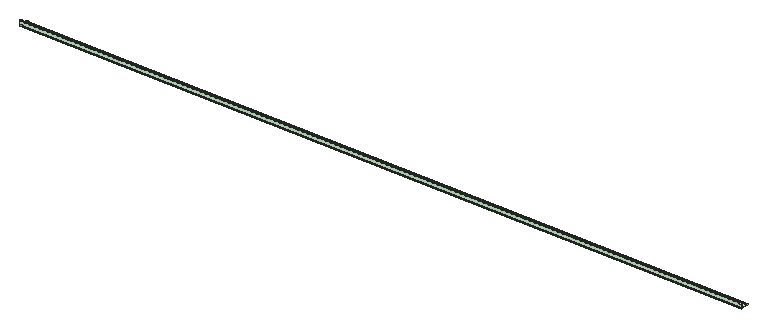
Revit family "eL3520", category 機械設備, Revit 2020
Family settings
  丸型コネクタ寸法 = 直径を使用
  種別 = なし
  パーツ タイプ = 標準
  作業面ベース = いいえ
  常に垂直 = はい
  ロード時にボイドで切り取り = いいえ
  共有 = いいえ
  部屋計算ポイント = いいえ
Parameters
  製造元 = "株式会社桐井製作所"
  既定の高さ = 0 mm
  URL = "https://www.kirii.co.jp/"
  K_長さ(mm) = 3200 mm
  K_板厚(mm) = 0.6 mm
  K_材質 = "カラー鋼板"
  K_品名 = "eL3520"
  K_名称 = "システム天井見切り"
  K_入数 = "25"
  K_バージョン情報 = "20220411"
Reference planes
  plane 1 "中心(正面/背面)": y = 0
  plane 2: z = 0
  plane 3 "中心(左/右)": x = 0
  plane 4: x = 3200
Forms (mm)
  Extrusion 1, solid
    sketch origin (0, 0, 0) x (0, 1, 0) y (0, 0, 1)
      loop
        line (1.8, 18.8) -> (1.8, 17.477) -> (2.4, 17.999) -> (2.4, 18.8)
        arc (2.4, 18.8) -> (1.2, 20) -> (0, 18.8) r 1.2
        line (0, 18.8) -> (0, 1.2)
        arc (0, 1.2) -> (0.351, 0.351) -> (1.2, 0) r 1.2
        line (1.2, 0) -> (33.8, 0)
        arc (33.8, 0) -> (35, 1.2) -> (33.8, 2.4) r 1.2
        line (33.8, 2.4) -> (32.948, 2.4) -> (32.426, 1.8) -> (33.8, 1.8)
        arc (33.8, 1.8) -> (34.4, 1.2) -> (33.8, 0.6) r 0.6
        line (33.8, 0.6) -> (1.2, 0.6)
        arc (1.2, 0.6) -> (0.776, 0.776) -> (0.6, 1.2) r 0.6
        line (0.6, 1.2) -> (0.6, 18.8)
        arc (0.6, 18.8) -> (1.2, 19.4) -> (1.8, 18.8) r 0.6
    from 0 to 3200
Dimensions and locks
  "K_長さ(mm)": plane 4 to plane 3 "中心(左/右)"
  aligned and locked: level to plane 2
  aligned and locked: plane 4 to Extrusion 1
Automatic sketch dimensions
  Extrusion 1 sketch curve to Extrusion 1 sketch curve = 0 mm  (x6)
  Extrusion 1 sketch curve to plane 1 "中心(正面/背面)" = 0 mm
  Extrusion 1 sketch curve to level = 0 mm
  Extrusion 1 sketch curve to plane 1 "中心(正面/背面)" = 0.6 mm
  Extrusion 1 sketch curve to Extrusion 1 sketch curve = 0.6 mm  (x2)
  Extrusion 1 sketch curve to Extrusion 1 sketch curve = 31.748 mm
  Extrusion 1 sketch curve to Extrusion 1 sketch curve = 0.852 mm
  Extrusion 1 sketch curve to Extrusion 1 sketch curve = 16.277 mm
  Extrusion 1 sketch curve to Extrusion 1 sketch curve = 0.522 mm  (x2)
  Extrusion 1 sketch curve to Extrusion 1 sketch curve = 0.801 mm
  level to Extrusion 1 sketch curve = 1.8 mm
